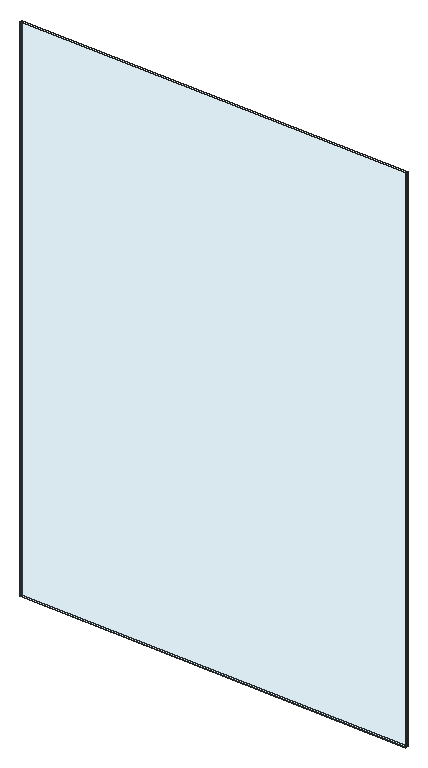
Revit family "ALSPEC ALU CHANNELS CT DGL GLZ", category Curtain Panels, Revit 2017
Family settings
  OmniClass Number = 23.25.20.14.11.11.17
  OmniClass Title = Infill Panels
  Always vertical = Yes
  Cut with Voids When Loaded = No
  Shared = No
Parameters
  YEAR = "2019"
  VERSION = "2.0"
  TODAYS DATE = "05.02.2019"
  SINGLE GLAZED THICKNESS = 8 mm
  DOUBLE GLAZED THICKNESS = 20 mm
  D = B - (2 * A)  # 8 mm
  CREATOR = " Scott Isouard"  # constant formula
  COMPANY = "Archvis"  # constant formula
  C = if(D > 0 mm, B, (2 * A) + 0.8 mm)  # 24 mm
  B = if(DOUBLE GLAZED THICKNESS > 28 mm, 28 mm, if(DOUBLE GLAZED THICKNESS < 24 mm, 24 mm, DOUBLE GLAZED THICKNESS))  # 24 mm
  Assembly Code = ""
  Analytic Construction = "<None>"
  ANZRC Compliant = yes
  A = if(SINGLE GLAZED THICKNESS > 10.4 mm, 10.4 mm, if(SINGLE GLAZED THICKNESS < 4 mm, 4 mm, SINGLE GLAZED THICKNESS))  # 8 mm
Reference planes
  plane 1 "Center (Front/Back)": y = 0
  plane 2: z = 0
  plane 3 "Center (Left/Right)": x = 0
  plane 4 "Left": x = -1500
  plane 5 "Right": x = 1500
  plane 6 "Top": z = 4000
  plane 7: z = -50
  plane 8: y = 12
  plane 9: y = -12
  plane 10: y = 4
  plane 11: y = -4
Forms (mm)
  Extrusion 1, solid, material "Glass"
    sketch origin (0, 0, 0) x (1, 0, 0) y (0, 1, 0)
      loop
        line (-1500, 4) -> (1500, 4) -> (1500, 12) -> (-1500, 12) -> (-1500, 4)
      loop
        line (-1500, -4) -> (-1500, -12) -> (1500, -12) -> (1500, -4) -> (-1500, -4)
    from 0 to 4000
Text (mm)
  text "Exterior" at (-2351.972, 1416.179, 0), in view "Ref. Level"
  text "Exterior" at (0, 2290.741, 4406.713), in view "Left"
  text "Exterior" at (0, 1328.187, 4120.349), in view "Right"
Dimensions and locks
  equal spacing: plane 4 "Left", plane 3 "Center (Left/Right)", plane 5 "Right"
  locked: plane 7 to plane 2 at 50
  equal spacing: plane 9, plane 1 "Center (Front/Back)", plane 8
  "C": plane 9 to plane 8
  "A": plane 10 to plane 8
  "A": plane 9 to plane 11
  aligned and locked: Extrusion 1 to plane 6 "Top"
  aligned and locked: plane 4 "Left" to Extrusion 1 sketch curve
  aligned and locked: Extrusion 1 sketch curve to plane 5 "Right"
  aligned and locked: Extrusion 1 sketch curve to plane 8
  aligned and locked: plane 10 to Extrusion 1 sketch curve
  aligned and locked: plane 11 to Extrusion 1 sketch curve
  aligned and locked: Extrusion 1 sketch curve to plane 9
Automatic sketch dimensions
  Extrusion 1 sketch curve to plane 4 "Left" = 0 mm
  Extrusion 1 sketch curve to plane 5 "Right" = 0 mm
